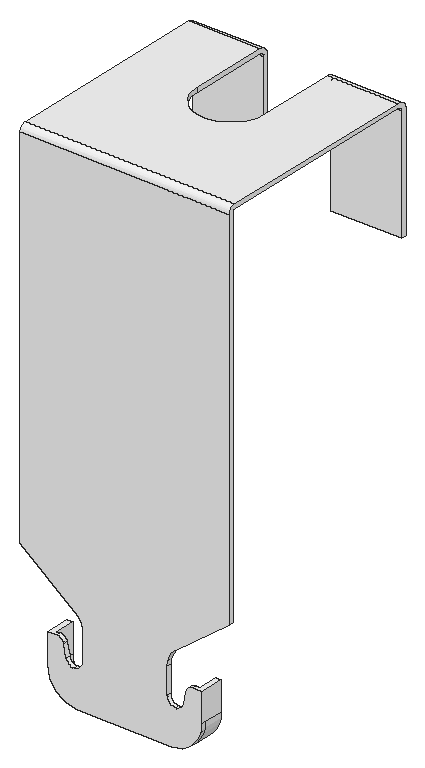
Revit family "特殊65mmSクリップ", category 機械設備, Revit 2020
Family settings
  丸型コネクタ寸法 = 直径を使用
  種別 = なし
  パーツ タイプ = 標準
  作業面ベース = いいえ
  常に垂直 = はい
  ロード時にボイドで切り取り = いいえ
  共有 = いいえ
  部屋計算ポイント = いいえ
Parameters
  製造元 = "株式会社桐井製作所"
  既定の高さ = 0 mm
  URL = "https://www.kirii.co.jp/"
  K_品名 = "特殊65mmSクリップ"
  K_名称 = "特殊クリップ"
  K_入数 = "500"
  K_バージョン情報 = "20211012"
Reference planes
  plane 1 "中心(正面/背面)": y = 0
  plane 2: z = 0
  plane 3 "中心(左/右)": x = 0
Forms (mm)
  Extrusion 1, solid
    sketch origin (0, 30, 0) x (0, 1, 0) y (0, 0, 1)
      loop
        line (-30, 0) -> (-29.4, -0.6) -> (-29.4, 73.9) -> (1.25, 73.9)
        arc (1.25, 73.9) -> (1.71, 73.71) -> (1.9, 73.25) r 0.65
        line (1.9, 73.25) -> (1.9, 55.75) -> (2.5, 56.35) -> (2.5, 73.25)
        arc (2.5, 73.25) -> (2.134, 74.134) -> (1.25, 74.5) r 1.25
        line (1.25, 74.5) -> (-29, 74.5)
        arc (-29, 74.5) -> (-29.707, 74.207) -> (-30, 73.5) r 1
        line (-30, 73.5) -> (-30, 0)
    from -15.5 to 15.5
  Extrusion 2, void
    sketch origin (0, -0.6, -0.8) x (0, 1, 0) y (0, 0, 1)
      loop
        line (0.387, 0.8) -> (0.387, -0.064) -> (1.428, -0.064) -> (1.428, 0.8) -> (0.387, 0.8)
    from -15.5 to 15.5
  Extrusion 3, void
    sketch origin (0, 0, 0) x (1, 0, 0) y (0, 0, 1)
      loop
        arc (-6.25, 10.428) -> (-6.555, 11.745) -> (-7.406, 12.794) r 3
        line (-7.406, 12.794) -> (-15.5, 19.1) -> (-15.5, 0) -> (-6.9, 0)
        arc (-6.9, 0) -> (-10.082, 1.318) -> (-11.4, 4.5) r 4.5
        line (-11.4, 4.5) -> (-11.4, 8.8) -> (-10.026, 8.8)
        arc (-10.026, 8.8) -> (-9.389, 8.571) -> (-9.044, 7.989) r 1
        line (-9.044, 7.989) -> (-8.7, 6.2)
        arc (-8.7, 6.2) -> (-8.25, 5.55) -> (-7.5, 5.3) r 1.25
        arc (-7.5, 5.3) -> (-6.616, 5.666) -> (-6.25, 6.55) r 1.25
        line (-6.25, 6.55) -> (-6.25, 10.428)
      loop
        line (6.25, 10.428) -> (6.25, 6.55)
        arc (6.25, 6.55) -> (6.616, 5.666) -> (7.5, 5.3) r 1.25
        arc (7.5, 5.3) -> (8.25, 5.55) -> (8.7, 6.2) r 1.25
        line (8.7, 6.2) -> (9.044, 7.989)
        arc (9.044, 7.989) -> (9.389, 8.571) -> (10.026, 8.8) r 1
        line (10.026, 8.8) -> (11.4, 8.8) -> (11.4, 4.5)
        arc (11.4, 4.5) -> (10.082, 1.318) -> (6.9, 0) r 4.5
        line (6.9, 0) -> (15.5, 0) -> (15.5, 19.1) -> (7.406, 12.794)
        arc (7.406, 12.794) -> (6.555, 11.745) -> (6.25, 10.428) r 3
    from -0.6 to 0
  Extrusion 4, void
    sketch origin (0, 19.721, 45.222) x (1, 0, 0) y (0, 1, 0)
      loop
        line (-5, 12.779) -> (-5, -0.205)
        arc (-5, -0.205) -> (0, -5.205) -> (5, -0.205) r 5
        line (5, -0.205) -> (5, 12.779) -> (-5, 12.779)
    from 10.251 to 29.278
  Extrusion 5, void
    sketch origin (0, 15.621, 31.576) x (0, 1, 0) y (0, 0, 1)
      loop
        line (15.756, 24.774) -> (15.756, 23.898) -> (16.879, 23.898) -> (16.879, 24.774) -> (15.756, 24.774)
    from -15.5 to 15.5
  Extrusion 6, solid
    sketch origin (0, 0, 0) x (1, 0, 0) y (0, 0, 1)
      loop
        line (11.4, 8.8) -> (10.6, 8.8) -> (10.6, 4.5)
        arc (10.6, 4.5) -> (9.516, 1.884) -> (6.9, 0.8) r 3.7
        line (6.9, 0.8) -> (-6.9, 0.8)
        arc (-6.9, 0.8) -> (-9.516, 1.884) -> (-10.6, 4.5) r 3.7
        line (-10.6, 4.5) -> (-10.6, 8.8) -> (-11.4, 8.8) -> (-11.4, 4.5)
        arc (-11.4, 4.5) -> (-10.082, 1.318) -> (-6.9, 0) r 4.5
        line (-6.9, 0) -> (6.9, 0)
        arc (6.9, 0) -> (10.082, 1.318) -> (11.4, 4.5) r 4.5
        line (11.4, 4.5) -> (11.4, 8.8)
    from -3.565 to -0.6
Cuts and joins
  Extrusion 2, Extrusion 3, Extrusion 4, Extrusion 5 cuts Extrusion 1
  joined: Extrusion 1, Extrusion 6
Dimensions and locks
  aligned and locked: level to plane 2
